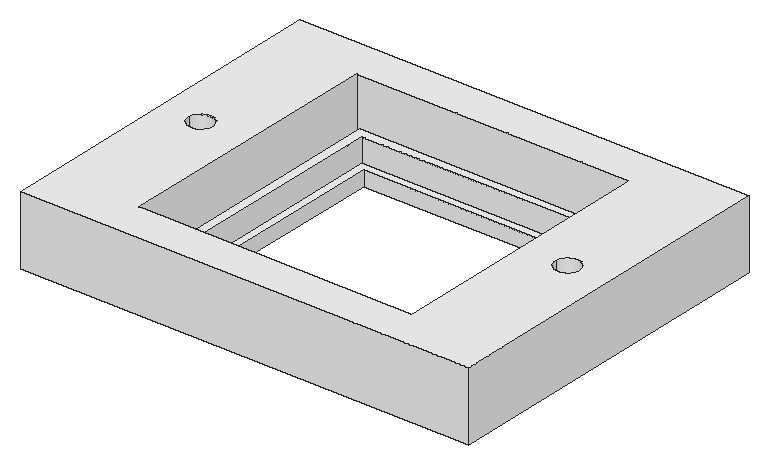
Revit family "Gira_021166", category Electrical Fixtures, host Face, Revit 2017
Family settings
  Host = Face
  Maintain Annotation Orientation = No
  Round Connector Dimension = Use Diameter
  Part Type = Normal
  Cut with Voids When Loaded = No
  Shared = No
  Room Calculation Point = No
Parameters (values of type "Cov.fr. 1-g Gira TX_44 (WP FM) p.white")
  With mounting grid = "No"
  With hinged lid = "No"
  URL = "http://katalog.gira.de/en/datenblatt.html?artikelnr=021166"
  Type of fastening = "Clamp mounting"
  Transparent = "No"
  Surface protection = "Other"
  Suitable for wall duct = "No"
  Suitable for flush-mounted installation = "Yes"
  Suitable for floor box = "No"
  Suitable for built-in installation = "No"
  RAL-number (akin) = "9010"
  Number of units vertical = "1"
  Number of units horizontal = "1"
  Number of units = "1"
  Name = "Cov.fr. 1-g Gira TX_44 (WP FM) p.white"
  Mounting direction = "Horizontal and vertical"
  Material quality = "Thermoplastic"
  Material = "Plastic"
  Manufacturer URL = "https://www.gira.de/"
  Manufacturer = "Gira"
  Label space/information surface = "No"
  Keynote = ""
  HeinzeBIM = "https://bimportal.heinze.de/bim/cov-fr-1-g-gira-tx-44-wp-fm-p-white/21b396e21946108cce0db6c091ba9a843b083bf0"
  Halogen free = "Yes"
  HAN = "021166"
  GTIN = "4010337211662"
  Description = "Cov.fr.1g TX_44 PW,Gira TX_44 cover frame,pure white,1-gang,Features:,- Shatter-proof.,,Notes :,- Frames are easy to install without tools; disassembly requires a Torx screwdriver T9 or T10.,- Wall plug mounting is possible.,- Centre inserts safeguarded against disassembly."
  Degree of protection (IP) = "IP44"
  Default Elevation = 1219.2 mm
  Data sheet (1) = "https://katalog.gira.de/en/download.html?artikelnr=021166"
  Colour = "White"
  Category = "Cover frame for domestic switching devices"
  BIM (1) = "https://media.stage.bim.site/public/gira/36a6b08/TX44_Rahmen_1fach.rfa"
  Available = "No"
Reference planes
  plane 1 "Center (Front/Back)": y = 0
  plane 2: z = 0
  plane 3 "Center (Left/Right)": x = 0
Forms (mm)
  Extrusion 1, solid, material "White", detail levels fine
    sketch origin (0, 0, 0) x (1, 0, 0) y (0, 1, 0)
      loop
        line (-54.959, 42.909) -> (-54.959, -42.909) -> (54.959, -42.909) -> (54.959, 42.909) -> (-54.959, 42.909)
      loop
        line (-33.5, -33.5) -> (33.5, -33.5) -> (33.5, 33.5) -> (-33.5, 33.5) -> (-33.5, -33.5)
      loop
        circle (-45, -0.006) r 3
      loop
        circle (44.992, 0.001) r 3
    from 0 to 16.9
  Extrusion 2, solid, material "White", detail levels fine
    sketch origin (0, 0, 0) x (1, 0, 0) y (0, 1, 0)
      loop
        line (-25.5, 25.5) -> (-25.5, -25.5) -> (25.5, -25.5) -> (25.5, 25.5) -> (-25.5, 25.5)
      loop
        line (-33.5, 33.5) -> (-33.5, -33.5) -> (33.5, -33.5) -> (33.5, 33.5) -> (-33.5, 33.5)
    from -1.6 to 2
  Extrusion 3, solid, material "White", detail levels fine
    sketch origin (0, 0, 0) x (1, 0, 0) y (0, 1, 0)
      loop
        line (-27.5, 27.5) -> (-27.5, -27.5) -> (27.5, -27.5) -> (27.5, 27.5) -> (-27.5, 27.5)
      loop
        line (-29.5, 29.5) -> (-29.5, -29.5) -> (29.5, -29.5) -> (29.5, 29.5) -> (-29.5, 29.5)
    from 2 to 7.8
  Extrusion 4, solid, material "White", detail levels coarse+medium
    sketch origin (0, 0, 0) x (1, 0, 0) y (0, 1, 0)
      loop
        line (-54.959, 42.909) -> (-54.959, -42.909) -> (54.959, -42.909) -> (54.959, 42.909) -> (-54.959, 42.909)
    from -1.6 to 16.9
Dimensions and locks
  aligned and locked: plane 2 to host face
  aligned and locked: level to host face
